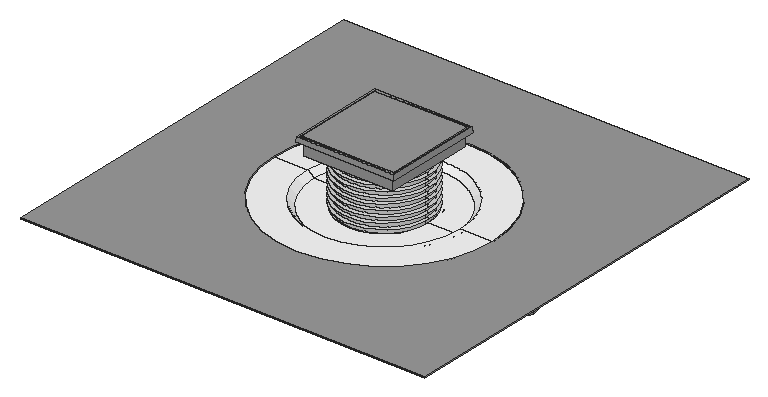
Revit family "HL_Трап для внутренних помещений_HL90PrblueD-3000", category Instalační zařizovací předměty, Revit 2020
Family settings
  Kóta kulaté spojky = Použít průměr
  Typ dílu = Normální
  Číslo OmniClass = 23.70.50.21.24.14
  Nadpis OmniClass = Deck Waste Water Drains
  Založené na pracovní rovině = Ne
  Vždy vertikální = Ano
  Ořezat dutým tvarem při načtení = Ne
  Sdílené = Ano
  Bod výpočtu místnosti = Ano
Parameters (values of type "HL90PrblueD-3000")
  РЕШЁТКА = "Edelstahl 115x115mm"
  РАЗМЕР = "DN40"
  ПРОПУСКНАЯ СПОСОБНОСТЬ = 0.4 L/s
  ПРОИЗВОДИТЕЛЬНОСТЬ = "0,40 l/s"
  ПРАВОВАЯ ИНФОРМАЦИЯ = "Авторские права(©), права на дизайн или какие либо другие права интелектуальной собственности являются исключительной собственностью компании HL Hutterer & Lechner. Изменению не подлежит. Файл семейства с данными о прозводителе изделия защищен паролем с водяным знаком."  # constant formula
  НОМИНАЛЬНЫЙ ДИАМЕТР = 40 mm
  НАСАДКА = "5-75mm/121mmx121mm"
  МАТЕРИАЛ = "ABS/PE"
  МАКСИМАЛЬНАЯ НАГРУЗКА КЛАССА = "K3 - 300 kg"
  ВЫСОТА МОНТАЖА = "74 mm"
  ВЕС = "0,731 [kg]"
  Výchozí výška = 0 mm
  Přípoj ventilace = no
  Výrobce = "HL Hutterer & Lechner GmbH"  # constant formula
  URL = "https://www.hutterer-lechner.com/ru/Products/catalog/Floor-drains/horizontal/without-flange/HL90PrblueD-3000.aspx"
  Přípoj odpadních dílů = yes
  Přípoj HW = no
  Popis = "Трапы для внутренних помещений"
  Model = "HL90PrblueD-3000"
  Komentáře k typům = "Трап с горизонтальным выпуском, с сухим сифоном Primus blue, перфорированным фланцем и подрамником из нержавеющей стали с системой крекления Klick-Klack"
  Keynote = "HL90PrblueD-3000"
  Высота монтажа [instance] = 144 mm
  EAN = "9003076050550"
  DN_test [instance] = if(НОМИНАЛЬНЫЙ ДИАМЕТР = 40 mm, 30 mm, 0 mm)  # 30 mm
  Přípoj CW = no
  B [instance] = Высота монтажа - 27.5 mm  # 116.5 mm
  A [instance] = if(B - 100 mm > 15 mm, B - 100 mm, 15 mm)  # 16.5 mm
Reference planes
  plane 1 "Center (Front/Back)": y = 0
  plane 2: z = 0
  plane 3 "Center (Left/Right)": x = 0
  plane 4 "Ball Joint Vertical": x = 25.45
  plane 5: z = -144
  plane 6: z = -116.5
Lines and regions (mm)
  model lines, style "InvisibleLines"
    curve 1: line (0, 0, 0) -> (0, 0, 1000)
  reference lines
    curve 2: line (0, 0, -116.5) -> (184.5, 0, -116.5)
  model lines, detail levels coarse+medium
    curve 3: line (0, 0, -116.5) -> (0, 0, -100)
    curve 4: line (0, 0, -100) -> (100, 0, 0)
    curve 5: line (0, 0, -100) -> (-100, 0, 0)
    curve 22: line (0, 0, -116.5) -> (185, 0, -116.5)
  symbolic lines, detail levels coarse+medium
    curve 6: line (-75, 75, 0) -> (75, 75, 0)
    curve 7: line (-75, -75, 0) -> (-75, 75, 0)
    curve 8: line (75, -75, 0) -> (-75, -75, 0)
    curve 9: line (75, 75, 0) -> (75, -75, 0)
    curve 10: line (75, 75, 0) -> (145.711, 145.711, 0)
    curve 11: line (75, -75, 0) -> (145.711, -145.711, 0)
    curve 12: line (-75, 75, 0) -> (-145.711, 145.711, 0)
    curve 13: line (-75, -75, 0) -> (-145.711, -145.711, 0)
  symbolic lines, not visible, detail levels coarse+medium
    curve 14: line (-75, 75, 0) -> (75, 75, 0)
    curve 15: line (-75, -75, 0) -> (-75, 75, 0)
    curve 16: line (75, -75, 0) -> (-75, -75, 0)
    curve 17: line (75, 75, 0) -> (75, -75, 0)
    curve 18: line (75, 75, 0) -> (145.711, 145.711, 0)
    curve 19: line (75, -75, 0) -> (145.711, -145.711, 0)
    curve 20: line (-75, 75, 0) -> (-145.711, 145.711, 0)
    curve 21: line (-75, -75, 0) -> (-145.711, -145.711, 0)
  symbolic lines, style "InvisibleLines", not visible
    curve 23: line (0, 0, 0) -> (0, 0, -30)
Text (mm)
  text "ПОЛ" at (-198.233, 0, -26.556), in view "Drain Construction View"
Dimensions and locks
  locked: plane 4 "Ball Joint Vertical" to plane 3 "Center (Left/Right)" at 25.45
  "Высота монтажа": plane 2 to plane 5
  "A": curve 5 to plane 6
  "B": curve 5 to plane 6
  "B": curve 4 to plane 6
  "B": plane 2 to plane 6
  "DN_test": curve 23 to curve 23
  locked: curve 4 to plane 3 "Center (Left/Right)" (angle 45.00°)
  locked: plane 3 "Center (Left/Right)" to curve 5 (angle 45.00°)
  aligned and locked: level to plane 2
  aligned and locked: plane 2 to curve 1
  aligned and locked: plane 3 "Center (Left/Right)" to curve 1
  aligned and locked: plane 3 "Center (Left/Right)" to curve 2
  aligned and locked: plane 3 "Center (Left/Right)" to curve 3
  aligned and locked: plane 3 "Center (Left/Right)" to curve 5
  aligned and locked: nested 4 to plane 5
  aligned and locked: curve 22 to curve 2
Automatic sketch dimensions
  curve 2 to plane 6 = 0 mm
  plane 4 "Ball Joint Vertical" to curve 2 = 159.05 mm
  plane 4 "Ball Joint Vertical" to curve 22 = 159.55 mm
  level to curve 1 = 1000 mm
Nested families
  nested 1: "HL_Решётка_HL037Pr.1E" at (0, 0, 0), type "HL037Pr.1E_Main Component"
  nested 2: "HL_Вкладыш сифона_HL090.5EKK" at (0, 0, -5.797), type "HL090.5EKK_Main Component"
  nested 3: "HL_Насадка_HL3200" at (0, 0, 0), type "HL3200_Main Component"
    with Высота монтажа 80 mm, RN 13, RL 84.5 mm, R yes, NL_Test yes, NL 100 mm
  nested 4: "HL_Корпус для трапа внутренних помещений_HL90KD" at (0, 0, -73.8), type "HL90KD_Main Component"
Connectors
  piping at (184.5, 0, -116.5), diameter 40, driven by "ПРОПУСКНАЯ СПОСОБНОСТЬ", driven by "НОМИНАЛЬНЫЙ ДИАМЕТР"
    settings: on curve 2, index 1, connector inside diameter 609.6 mm, connector length 0 mm, flow factor 0, pipe flow 0.4 L/s, pressure drop 0.0 Pa, fitting loss kfactor 0, connector angle 0.00°, fixture units 0, engagement length 0 mm, angle of deflection 0.00°, flow configuration 1, flow direction 2, fitting loss method 0, system type 16, joint type 0, gender type 0, connector reference index -1, connector utility 0, adjustable connector yes, is connector primary yes, connector description ""
Definition of nested family "HL_Решётка_HL037Pr.1E"
  Parameters (values of type "HL037Pr.1E")
    РАЗМЕР = "115x115mm"
    ПРАВОВАЯ ИНФОРМАЦИЯ = "Авторские права(©), права на дизайн или какие либо другие права интелектуальной собственности являются исключительной собственностью компании HL Hutterer & Lechner. Изменению не подлежит. Файл семейства с данными о прозводителе изделия защищен паролем с водяным знаком."  # constant formula
    МАТЕРИАЛ = "V2A"
    МАКСИМАЛЬНАЯ НАГРУЗКА КЛАССА = "K3 - 300 kg"
    ВЕС = "0,15 [kg]"
    Waste Connection = yes
    Default Elevation = 0 mm
    Vent Connection = no
    Manufacturer = "HL Hutterer & Lechner GmbH"  # constant formula
    URL = "http://www.hutterer-lechner.com/ru/products/catalog/floor-drains/attachments/HL037pr.1e.aspx"
    HW Connection = no
    Description = "Трапы для внутренних помещений - Комплектующие"
    Model = "HL037Pr.1E"
    Type Comments = "HL037Pr.1E Решётка из нержавеющей стали 115х115 мм"
    Keynote = "HL037Pr.1E"
    EAN = "9003076028474"
    CW Connection = no
  Reference planes
    plane 1 "Center (Front/Back)": y = 0
    plane 2: z = 0
    plane 3 "Center (Left/Right)": x = 0
    plane 4 "Ball Joint Vertical": x = 25.45
  Forms (mm)
    Extrusion 1, solid, detail levels fine
      sketch origin (0, 0, 0) x (1, 0, 0) y (0, 1, 0)
        loop
          line (57.5, 57.5) -> (-57.5, 57.5) -> (-57.5, -57.5) -> (57.5, -57.5) -> (57.5, 57.5)
      from 0 to -5
  Lines and regions (mm)
    model lines, detail levels fine
      curve 1: spline (-13.927, 0, 0) -> (-13.452, 1.165, 0) -> (-12.061, 2.25, 0) -> (-9.848, 3.182, 0) -> (-6.964, 3.897, 0) -> (-3.605, 4.347, 0) -> (0, 4.5, 0) -> (3.605, 4.347, 0) -> (6.964, 3.897, 0) -> (9.848, 3.182, 0) -> (12.061, 2.25, 0) -> (13.452, 1.165, 0) -> (13.927, 0, 0) -> (13.452, -1.165, 0) -> (12.061, -2.25, 0) -> (9.848, -3.182, 0) -> (6.964, -3.897, 0) -> (3.605, -4.347, 0) -> (0, -4.5, 0) -> (-3.605, -4.347, 0) -> (-6.964, -3.897, 0) -> (-9.848, -3.182, 0) -> (-12.061, -2.25, 0) -> (-13.452, -1.165, 0) -> (-13.927, 0, 0)
      curve 2: line (-5.9, 0.4, 0) -> (-11.9, 0.4, 0)
      curve 3: line (-3.65, -2, 0) -> (-3.65, 2, 0)
      curve 4: arc (-3.65, 2, 0) -> (-3.15, 2.5, 0) -> (-2.65, 2, 0) r 0.5
      curve 5: line (-2.65, 2, 0) -> (-2.65, 0.5, 0)
      curve 6: line (-2.65, 0.5, 0) -> (-0.65, 0.5, 0)
      curve 7: line (-0.65, 0.5, 0) -> (-0.65, 2, 0)
      curve 8: arc (-0.65, 2, 0) -> (-0.15, 2.5, 0) -> (0.35, 2, 0) r 0.5
      curve 9: line (0.35, 2, 0) -> (0.35, -2, 0)
      curve 10: arc (0.35, -2, 0) -> (-0.15, -2.5, 0) -> (-0.65, -2, 0) r 0.5
      curve 11: line (-0.65, -2, 0) -> (-0.65, -0.5, 0)
      curve 12: line (-0.65, -0.5, 0) -> (-2.65, -0.5, 0)
      curve 13: line (-2.65, -0.5, 0) -> (-2.65, -2, 0)
      curve 14: arc (-2.65, -2, 0) -> (-3.15, -2.5, 0) -> (-3.65, -2, 0) r 0.5
      curve 15: line (1.85, -2, 0) -> (1.85, 2, 0)
      curve 16: arc (1.85, 2, 0) -> (1.996, 2.354, 0) -> (2.35, 2.5, 0) r 0.5
      curve 17: arc (2.35, 2.5, 0) -> (2.704, 2.354, 0) -> (2.85, 2, 0) r 0.5
      curve 18: line (2.85, 2, 0) -> (2.85, -1, 0)
      curve 19: arc (2.85, -1, 0) -> (2.996, -1.354, 0) -> (3.35, -1.5, 0) r 0.5
      curve 20: line (3.35, -1.5, 0) -> (4.35, -1.5, 0)
      curve 21: arc (4.35, -1.5, 0) -> (4.85, -2, 0) -> (4.35, -2.5, 0) r 0.5
      curve 22: line (4.35, -2.5, 0) -> (2.35, -2.5, 0)
      curve 23: arc (2.35, -2.5, 0) -> (1.996, -2.354, 0) -> (1.85, -2, 0) r 0.5
      curve 24: line (12.1, 0.4, 0) -> (6.1, 0.4, 0)
      curve 25: line (-5.9, -0.4, 0) -> (-11.9, -0.4, 0)
      curve 26: line (12.1, -0.4, 0) -> (6.1, -0.4, 0)
      curve 27: line (-5.9, 0.4, 0) -> (-5.9, -0.4, 0)
      curve 28: line (-11.9, 0.4, 0) -> (-11.9, -0.4, 0)
      curve 29: line (6.1, 0.4, 0) -> (6.1, -0.4, 0)
      curve 30: line (12.1, 0.4, 0) -> (12.1, -0.4, 0)
      curve 31: arc (38.029, -24.059, 0) -> (45, 0, 0) -> (38.029, 24.059, 0) r 45
      curve 32: arc (38.029, 24.059, 0) -> (35.09, 25.896, 0) -> (31.82, 24.749, 0) r 4
      curve 33: arc (31.82, 24.749, 0) -> (30.673, 22.362, 0) -> (31.268, 19.782, 0) r 4
      curve 34: arc (31.268, 19.782, 0) -> (37, 0, 0) -> (31.268, -19.782, 0) r 37
      curve 35: arc (31.268, -19.782, 0) -> (30.673, -22.362, 0) -> (31.82, -24.749, 0) r 4
      curve 36: arc (31.82, -24.749, 0) -> (35.09, -25.896, 0) -> (38.029, -24.059, 0) r 4
      curve 37: arc (24.059, 38.029, 0) -> (0, 45, 0) -> (-24.059, 38.029, 0) r 45
      curve 38: arc (-24.059, 38.029, 0) -> (-25.896, 35.09, 0) -> (-24.749, 31.82, 0) r 4
      curve 39: arc (-24.749, 31.82, 0) -> (-22.362, 30.673, 0) -> (-19.782, 31.268, 0) r 4
      curve 40: arc (-19.782, 31.268, 0) -> (0, 37, 0) -> (19.782, 31.268, 0) r 37
      curve 41: arc (19.782, 31.268, 0) -> (22.362, 30.673, 0) -> (24.749, 31.82, 0) r 4
      curve 42: arc (24.749, 31.82, 0) -> (25.896, 35.09, 0) -> (24.059, 38.029, 0) r 4
      curve 43: arc (24.059, -38.029, 0) -> (0, -45, 0) -> (-24.059, -38.029, 0) r 45
      curve 44: arc (-24.059, -38.029, 0) -> (-25.896, -35.09, 0) -> (-24.749, -31.82, 0) r 4
      curve 45: arc (-24.749, -31.82, 0) -> (-22.362, -30.673, 0) -> (-19.782, -31.268, 0) r 4
      curve 46: arc (-19.782, -31.268, 0) -> (0, -37, 0) -> (19.782, -31.268, 0) r 37
      curve 47: arc (19.782, -31.268, 0) -> (22.362, -30.673, 0) -> (24.749, -31.82, 0) r 4
      curve 48: arc (24.749, -31.82, 0) -> (25.896, -35.09, 0) -> (24.059, -38.029, 0) r 4
      curve 49: arc (-38.029, -24.059, 0) -> (-45, 0, 0) -> (-38.029, 24.059, 0) r 45
      curve 50: arc (-38.029, 24.059, 0) -> (-35.09, 25.896, 0) -> (-31.82, 24.749, 0) r 4
      curve 51: arc (-31.82, 24.749, 0) -> (-30.673, 22.362, 0) -> (-31.268, 19.782, 0) r 4
      curve 52: arc (-31.268, 19.782, 0) -> (-37, 0, 0) -> (-31.268, -19.782, 0) r 37
      curve 53: arc (-31.268, -19.782, 0) -> (-30.673, -22.362, 0) -> (-31.82, -24.749, 0) r 4
      curve 54: arc (-31.82, -24.749, 0) -> (-35.09, -25.896, 0) -> (-38.029, -24.059, 0) r 4
    model lines
      curve 55: line (0, 0, 0) -> (0, 0, 100)
  Text (mm)
    text "ROOF/FLOOR" at (-198.233, 0, -26.556), in view "Drain Construction View"
  Dimensions and locks
    locked: plane 4 "Ball Joint Vertical" to plane 3 "Center (Left/Right)" at 25.45
    aligned and locked: level to plane 2
Definition of nested family "HL_Вкладыш сифона_HL090.5EKK"
  Parameters (values of type "HL090.5EKK_Main Component")
    ПРАВОВАЯ ИНФОРМАЦИЯ = "Авторские права(©), права на дизайн или какие либо другие права интелектуальной собственности являются исключительной собственностью компании HL Hutterer & Lechner. Изменению не подлежит. Файл семейства с данными о прозводителе изделия защищен паролем с водяным знаком."  # constant formula
    МАТЕРИАЛ = "PC/ABS"
    ВЕС = "0,11 [kg]"
    Waste Connection = yes
    Default Elevation = 0 mm
    Vent Connection = no
    Manufacturer = "HL Hutterer & Lechner GmbH"  # constant formula
    URL = "https://www.hutterer-lechner.com/ru/Products/catalog/Floor-drains/attachments/HL090.5EKK.aspx"
    HW Connection = no
    Description = "Трапы для внутренних помещений - Комплектующие"
    Model = "HL090.5EKK"
    Type Comments = "\"СУХОЙ\" сифон Primus blue для  системы Klick-Klack"
    Keynote = "HL090.5EKK"
    EAN = "9003076050581"
    CW Connection = no
  Reference planes
    plane 1 "Center (Front/Back)": y = 0
    plane 2: z = 0
    plane 3 "Center (Left/Right)": x = 0
    plane 4 "Ball Joint Vertical": x = 25.45
  Forms (mm)
    Revolve 1, solid, detail levels fine
      sketch origin (0, 0, 0) x (0, 1, 0) y (0, 0, 1)
        loop
          line (-44.7, 0) -> (-53, 0) -> (-53, -2) -> (-49.228, -2) -> (-49.228, -13.214) -> (-46.721, -13.214) -> (-46.721, -20.152) -> (0, -20.152) -> (0, -18.268) -> (-32.15, -18.268) -> (-44.7, -18.268) -> (-44.7, 0)
        axis (0, 0) -> (0, -20.152)
      angle from 0 to 360
    Extrusion 2, solid, detail levels fine
      sketch origin (0, 0, 0) x (1, 0, 0) y (0, 1, 0)
        loop
          line (34.626, 31.41) -> (-34.626, 31.41)
          arc (-34.626, 31.41) -> (-46.75, 0) -> (-34.626, -31.41) r 46.75
          line (-34.626, -31.41) -> (34.626, -31.41)
          arc (34.626, -31.41) -> (46.721, 0) -> (34.626, 31.41) r 46.834
      from -20.152 to -57
    Revolve 3, solid, detail levels fine
      sketch origin (0, 0, 0) x (0, 1, 0) y (0, 0, 1)
        loop
          arc (-49.228, -6.728) -> (-50.709, -8.655) -> (-49.228, -10.583) r 1.995
          line (-49.228, -10.583) -> (-49.228, -6.728)
        axis (0, -6.728) -> (0, -10.583)
      angle from 0 to 360
    Revolve 4, solid, detail levels fine
      sketch origin (0, 0, 0) x (0, 1, 0) y (0, 0, 1)
        loop
          line (0, -18.268) -> (0, 0) -> (-33.004, -1.346) -> (-33.004, -3.231) -> (-32.15, -3.231) -> (-32.15, -18.268) -> (0, -18.268)
        axis (0, 0) -> (0, -18.268)
      angle from 0 to 360
  Text (mm)
    text "ROOF/FLOOR" at (-198.233, 0, -26.556), in view "Drain Construction View"
  Dimensions and locks
    locked: plane 4 "Ball Joint Vertical" to plane 3 "Center (Left/Right)" at 25.45
    aligned and locked: level to plane 2
    aligned and locked: Extrusion 2 to Revolve 1
Definition of nested family "HL_Насадка_HL3200"
  Parameters (values of type "HL3200")
    РАЗМЕР = "d 110 mm"
    ПРАВОВАЯ ИНФОРМАЦИЯ = "Авторские права(©), права на дизайн или какие либо другие права интелектуальной собственности являются исключительной собственностью компании HL Hutterer & Lechner. Изменению не подлежит. Файл семейства с данными о прозводителе изделия защищен паролем с водяным знаком."  # constant formula
    НАСАДКА = "121 x 121 mm"
    МАТЕРИАЛ = "PP-V2A"
    Высота монтажа [instance] = 80 mm
    ВЫСОТА МОНТАЖА = "10 - 80 mm"
    ВЕС = "0,13 [kg]"
    Waste Connection = yes
    Default Elevation = 0 mm
    Vent Connection = no
    RD = 6.5 mm  # constant formula
    R [instance] = ((Высота монтажа - NL_Min) / RD - 1) > 2  # yes
    RL [instance] = if(Высота монтажа < 26 mm, 1 mm, RD * RN)  # 84.5 mm
    NL_Test [instance] = and(or(Высота монтажа < NL_Max, Высота монтажа = NL_Max), or(Высота монтажа > NL_Min, Высота монтажа = NL_Min))  # yes
    NL_Min = 10 mm
    NL_Max = 80 mm
    NL [instance] = if(NL_Test, Высота монтажа + 20 mm, 0 mm)  # 100 mm
    RN [instance] = if((Высота монтажа + 20 mm - NL_Min) / RD - 1 < 2, 2, (Высота монтажа + 20 mm - NL_Min) / RD - 1)  # 13
    Manufacturer = "HL Hutterer & Lechner GmbH"  # constant formula
    URL = "http://www.hutterer-lechner.com/ru/Products/catalog/floor-drains/attachments/HL3200.aspx"
    HW Connection = no
    Description = "Трапы для внутренних помещений - Комплектующие"
    Model = "HL3200"
    Type Comments = "HL3200 Насадные подрамники d 110/подрамники из нержавеющей стали (V2A) 121х121мм с О-кольцом. Система \"KLICK-KLACK\""
    Keynote = "HL3200"
    EAN = "9003076015399"
    CW Connection = no
  Reference planes
    plane 1 "Center (Front/Back)": y = 0
    plane 2: z = 0
    plane 3 "Center (Left/Right)": x = 0
    plane 4 "Ball Joint Vertical": x = 25.45
    plane 5: z = -100
  Forms (mm)
    Sweep 1, solid, detail levels fine
      path origin (0, 0, 0) x (1, 0, 0) y (0, 1, 0)
        loop
          line (-60.806, 60.806) -> (-60.806, -60.806) -> (60.806, -60.806) -> (60.806, 60.806) -> (-60.806, 60.806)
      profile origin (0, 60.806, 0) x (0, 1, 0) y (0, 0, 1)
        loop
          line (-2.806, 0) -> (-2.806, -5.3) -> (-6.306, -5.3) -> (-6.306, -8.3) -> (-9.767, -8.3) -> (-9.767, -21.997) -> (-5.806, -21.997) -> (-5.806, -6) -> (0, -6) -> (-0.525, 0) -> (-2.806, 0)
    Extrusion 2, solid, detail levels fine
      sketch origin (0, 0, 0) x (1, 0, 0) y (0, 1, 0)
        loop
          circle (0, 0) r 50
        loop
          line (-51.039, 51.039) -> (-51.039, -51.039) -> (51.039, -51.039) -> (51.039, 51.039) -> (-51.039, 51.039)
      from -19 to -21.997
    Revolve 3, solid, detail levels fine
      sketch origin (0, 0, 0) x (1, 0, 0) y (0, 0, 1)
        loop
          line (50, -21.997) -> (50, -100) -> (51.861, -100) -> (51.861, -21.997) -> (50, -21.997)
        axis (0, -21.997) -> (0, -100)
      angle from 0 to 360
  Lines and regions (mm)
    symbolic lines
      curve 1: line (0, 0, -100) -> (0, 0, 0)
    model lines
      curve 2: line (0, 0, 0) -> (0, 0, 100)
  Text (mm)
    text "ROOF/FLOOR" at (-198.233, 0, -26.556), in view "Drain Construction View"
  Dimensions and locks
    locked: plane 4 "Ball Joint Vertical" to plane 3 "Center (Left/Right)" at 25.45
    "NL": plane 2 to plane 5
    equal spacing: group 1, group 3, group 4, group 5, group 6, group 7, group 8, group 9, group 10, group 11, group 12, group 13, group 2  (x3)
    "RL": nested 2 to nested 1
    locked: nested 1 to plane 5 at 1.516
    aligned and locked: level to plane 2
    aligned and locked: plane 3 "Center (Left/Right)" to nested 1
    aligned and locked: plane 1 "Center (Front/Back)" to nested 1
    aligned and locked: plane 2 to curve 1
    aligned and locked: plane 5 to curve 1
    aligned and locked: Sweep 1 to Revolve 3 sketch curve
    aligned and locked: plane 5 to Revolve 3 sketch curve
  Automatic sketch dimensions
    Sweep 1 sketch curve to plane 3 "Center (Left/Right)" = 60.806 mm
    plane 4 "Ball Joint Vertical" to Sweep 1 sketch curve = 35.356 mm
    plane 1 "Center (Front/Back)" to Sweep 1 sketch curve = 60.806 mm
    Sweep 1 sketch curve to plane 1 "Center (Front/Back)" = 60.806 mm
    Sweep 1 sketch curve to profile plane = 0 mm  (x2)
    profile plane to Sweep 1 sketch curve = 0.525 mm
    Sweep 1 sketch curve to Sweep 1 sketch curve = 2.281 mm
    Sweep 1 sketch curve to Sweep 1 sketch curve = 3 mm  (x2)
    Sweep 1 sketch curve to Sweep 1 sketch curve = 0.5 mm
    Sweep 1 sketch curve to Sweep 1 sketch curve = 3.461 mm
    Sweep 1 sketch curve to profile plane = 5.3 mm
    Sweep 1 sketch curve to Sweep 1 sketch curve = 0.7 mm
    Sweep 1 sketch curve to Sweep 1 sketch curve = 13.697 mm
    plane 1 "Center (Front/Back)" to Extrusion 2 sketch curve = 0 mm
    Extrusion 2 sketch curve to plane 3 "Center (Left/Right)" = 0 mm
    Extrusion 2 sketch curve to plane 3 "Center (Left/Right)" = 51.039 mm
    plane 4 "Ball Joint Vertical" to Extrusion 2 sketch curve = 25.589 mm
    plane 1 "Center (Front/Back)" to Extrusion 2 sketch curve = 51.039 mm
    Extrusion 2 sketch curve to plane 1 "Center (Front/Back)" = 51.039 mm
    Revolve 3 sketch curve to plane 3 "Center (Left/Right)" = 0 mm
    plane 4 "Ball Joint Vertical" to Revolve 3 sketch curve = 24.55 mm
    Revolve 3 sketch curve to Revolve 3 sketch curve = 1.861 mm
    Revolve 3 sketch curve to level = 13.456 mm
    level to Revolve 3 sketch curve = 16.544 mm
    curve 2 to plane 3 "Center (Left/Right)" = 0 mm
    level to curve 2 = 100 mm
    radius of Extrusion 2 sketch curve = 50 mm
  Nested families
    nested 1: "Ring" at (0, 0, -98.484), visible <- "R", type "Ring"
    nested 2: "Ring" at (0, 0, -13.984), visible <- "R", type "Ring"
    nested 3: "Ring" at (0, 0, -91.442), visible <- "R", type "Ring"
    nested 4: "Ring" at (0, 0, -84.401), visible <- "R", type "Ring"
    nested 5: "Ring" at (0, 0, -77.359), visible <- "R", type "Ring"
    nested 6: "Ring" at (0, 0, -70.317), visible <- "R", type "Ring"
    nested 7: "Ring" at (0, 0, -63.276), visible <- "R", type "Ring"
    nested 8: "Ring" at (0, 0, -56.234), visible <- "R", type "Ring"
    nested 9: "Ring" at (0, 0, -49.192), visible <- "R", type "Ring"
    nested 10: "Ring" at (0, 0, -42.151), visible <- "R", type "Ring"
    nested 11: "Ring" at (0, 0, -35.109), visible <- "R", type "Ring"
    nested 12: "Ring" at (0, 0, -28.067), visible <- "R", type "Ring"
    nested 13: "Ring" at (0, 0, -21.026), visible <- "R", type "Ring"
  Definition of nested family "Ring"
    Parameters (values of type "Ring")
      Manufacturer = ""
      Default Elevation = 0 mm
      URL = ""
      R = D / 2  # 51.5 mm
      Description = ""
      Model = ""
      Material = none
      Type Comments = ""
      D = 103 mm
      Cost = 0
    Reference planes
      plane 1 "Střed (vpředu/vzadu)": y = 0
      plane 2: z = 0
      plane 3 "Střed (vlevo/vpravo)": x = 0
    Forms (mm)
      Revolve 1, solid, material <- "Material", detail levels fine
        sketch origin (0, 0, 0) x (1, 0, 0) y (0, 0, 1)
          loop
            line (-51.5, 1.482) -> (-54.764, 0) -> (-51.5, -1.516) -> (-51.5, 1.482)
          axis (0, 1.482) -> (0, -1.516)
        angle from 0 to 360
    Dimensions and locks
      "R": Revolve 1 sketch curve to plane 3 "Střed (vlevo/vpravo)"
      aligned and locked: level to plane 2
      aligned and locked: Revolve 1 sketch curve to plane 3 "Střed (vlevo/vpravo)"
    Automatic sketch dimensions
      Revolve 1 sketch curve to level = 0 mm
      Revolve 1 sketch curve to Revolve 1 sketch curve = 3.264 mm
      Revolve 1 sketch curve to level = 1.516 mm
      level to Revolve 1 sketch curve = 1.482 mm
      Revolve 1 sketch curve to level = 381 mm
      Revolve 1 sketch curve to Revolve 1 sketch curve = 2212.833 mm
Definition of nested family "HL_Корпус для трапа внутренних помещений_HL90KD"
  Parameters (values of type "HL90KD")
    РАЗМЕР = "DN40"
    ПРАВОВАЯ ИНФОРМАЦИЯ = "Авторские права(©), права на дизайн или какие либо другие права интелектуальной собственности являются исключительной собственностью компании HL Hutterer & Lechner. Изменению не подлежит. Файл семейства с данными о прозводителе изделия защищен паролем с водяным знаком."  # constant formula
    МАТЕРИАЛ = "ABS/PE"
    ВЫСОТА МОНТАЖА = "69 mm"
    ВЕС = "0,27 [kg]"
    Waste Connection = yes
    Default Elevation = 0 mm
    Vent Connection = no
    Manufacturer = "HL Hutterer & Lechner GmbH"  # constant formula
    URL = "http://www.hutterer-lechner.com/ru/Products/catalog/floor-drains/attachments/HL90KD.aspx"
    HW Connection = no
    Description = "Трапы для внутренних помещений - Комплектующие"
    Model = "HL90KD"
    Type Comments = "HL90KD Корпус трапа с фланцем, покрытым синтетическим полотном, DN40"
    Keynote = "HL90KD"
    EAN = "9003076029532"
    CW Connection = no
  Reference planes
    plane 1 "Center (Front/Back)": y = 0
    plane 2: z = 0
    plane 3 "Center (Left/Right)": x = 0
    plane 4 "Ball Joint Vertical": x = 25.45
  Forms (mm)
    Revolve 1, solid, detail levels fine
      sketch origin (0, 0, 0) x (1, 0, 0) y (0, 0, 1)
        loop
          line (-57.85, -11.7) -> (-57.85, -54.7)
          arc (-57.85, -54.7) -> (-55.068, -61.418) -> (-48.35, -64.2) r 9.5
          line (-48.35, -64.2) -> (-37.502, -64.2)
          arc (-37.502, -64.2) -> (-33.124, -68.428) -> (-27.302, -70.2) r 13
          line (-27.302, -70.2) -> (0, -70.2) -> (0, -67.7) -> (-26.671, -67.7)
          arc (-26.671, -67.7) -> (-32.256, -66.137) -> (-35.99, -61.7) r 9.841
          line (-35.99, -61.7) -> (-47.738, -61.7)
          arc (-47.738, -61.7) -> (-53.064, -59.867) -> (-55.341, -54.715) r 7.04
          line (-55.341, -54.715) -> (-55.341, -8) -> (-87.003, -8) -> (-94.003, -1) -> (-135, -1) -> (-135, -3.7) -> (-96.536, -3.7) -> (-88.536, -11.7) -> (-57.85, -11.7)
        axis (0, -1) -> (0, -70.2)
      angle from 0 to 360
    Extrusion 2, solid, detail levels fine
      sketch origin (0, 0, 0) x (1, 0, 0) y (0, 1, 0)
        loop
          line (250, 250) -> (-250, 250) -> (-250, -250) -> (250, -250) -> (250, 250)
        loop
          circle (0, 0) r 135
      from -1 to 0
    Revolve 3, solid, detail levels fine
      sketch origin (0, 0, 0) x (1, 0, 0) y (0, 0, 1)
        loop
          line (94, -66.7) -> (94, -61.7) -> (44, -61.7) -> (44, -64.2) -> (84, -64.2) -> (84, -66.7) -> (94, -66.7)
        axis (94, -42.7) -> (44, -42.7)
      angle from 0 to 360
    Revolve 4, solid, detail levels fine
      sketch origin (0, 0, 0) x (1, 0, 0) y (0, 0, 1)
        loop
          line (184.5, -22.7) -> (118.175, -22.7)
          arc (118.175, -22.7) -> (109.455, -17.144) -> (99.3, -15.2) r 27.5
          line (99.3, -15.2) -> (92.5, -15.2) -> (92.5, -18.7) -> (107.315, -18.7) -> (118.5, -24.9) -> (184.5, -24.9) -> (184.5, -22.7)
        axis (92.5, -42.7) -> (184.5, -42.7)
      angle from 0 to 360
    Revolve 5, void
      sketch origin (0, 0, 0) x (1, 0, 0) y (0, 0, 1)
        loop
          line (0, -13.884) -> (-55.341, -13.884) -> (-55.341, -54.715)
          arc (-55.341, -54.715) -> (-53.077, -59.881) -> (-47.738, -61.7) r 7
          line (-47.738, -61.7) -> (0, -61.7) -> (0, -54.715) -> (0, -13.884)
        axis (0, -13.884) -> (0, -61.7)
      angle from 0 to 360
    Revolve 6, void
      sketch origin (0, 0, 0) x (1, 0, 0) y (0, 0, 1)
        loop
          line (92.5, -42.7) -> (92.5, -23.7) -> (37.5, -23.7) -> (37.5, -42.7) -> (92.5, -42.7)
        axis (92.5, -42.7) -> (37.5, -42.7)
      angle from 0 to 360
  Cuts and joins
    Revolve 5, Revolve 6 cuts Revolve 3
    Revolve 6 cuts Revolve 1
  Text (mm)
    text "ROOF/FLOOR" at (-198.233, 0, -26.556), in view "Drain Construction View"
  Dimensions and locks
    locked: plane 4 "Ball Joint Vertical" to plane 3 "Center (Left/Right)" at 25.45
    aligned and locked: level to plane 2
